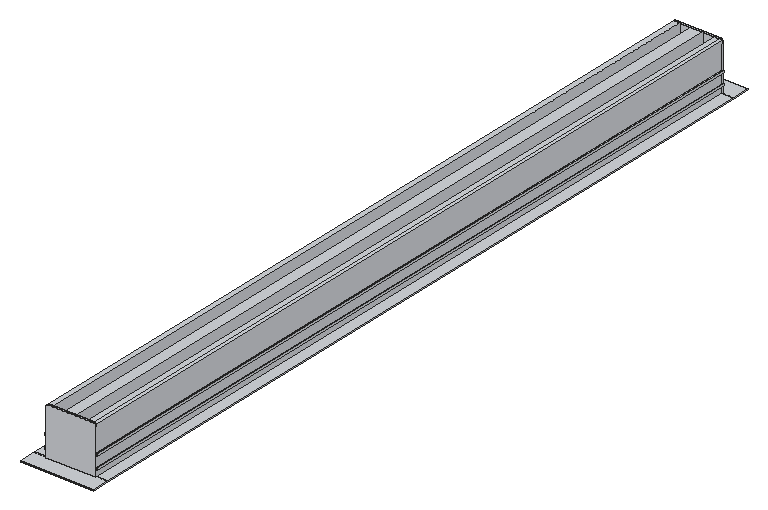
Revit family
Parameters
  URL = "http://www.anemostat.com/"
  Model = "SLAD-FS-75"
  Manufacturer = "Anemostat"
  Length  User Defined = 48"
  Duct Width = 3 5/16"
  Duct Length = Length  User Defined + 1/4"  # 48 1/4"
  C = 4 1/2"
Reference planes (in)
  plane 1 "Center (Front/Back)": y = 0
  plane 2: z = 0
  plane 3 "Center (Left/Right)": x = 0
  plane 4: x = -2.25
  plane 5: x = 2.25
  plane 6: y = -24
  plane 7 "Length": y = -48
  plane 8 "Face": z = -0.05
  plane 9: z = 2.95
  plane 10: x = 0.35
  plane 11: x = -0.35
Forms (in)
  Extrusion 1, solid
    sketch origin (0, 0, 0) x (1, 0, 0) y (0, 0, 1)
      loop
        line (1.41328, 2.95) -> (-1.41328, 2.95) -> (-1.525, 2.83828) -> (-1.525, 1.27628) -> (-1.645, 1.27628) -> (-1.645, 1.16428) -> (-1.595, 1.16428) -> (-1.595, 1.22628) -> (-1.525, 1.22628) -> (-1.525, 0.47128) -> (-1.595, 0.47128) -> (-1.595, 0.53328) -> (-1.645, 0.53328) -> (-1.645, 0.42128) -> (-1.525, 0.42128) -> (-1.525, 0) -> (-2.25, 0) -> (-2.25, -0.05) -> (-1.00028, -0.05) -> (1.00028, -0.05) -> (2.25, -0.05) -> (2.25, 0) -> (1.525, 0) -> (1.525, 0.42128) -> (1.645, 0.42128) -> (1.645, 0.53328) -> (1.595, 0.53328) -> (1.595, 0.47128) -> (1.525, 0.47128) -> (1.525, 1.22628) -> (1.595, 1.22628) -> (1.595, 1.16428) -> (1.645, 1.16428) -> (1.645, 1.27628) -> (1.525, 1.27628) -> (1.525, 2.83828) -> (1.41328, 2.95)
    from 0 to 48 <- "Length  User Defined"
  Extrusion 2, solid
    sketch origin (0, 0, 0) x (1, 0, 0) y (0, 0, 1)
      loop
        line (-1.525, 0) -> (1.525, 0) -> (1.525, 2.83828) -> (1.41328, 2.95) -> (-1.41328, 2.95) -> (-1.525, 2.83828) -> (-1.525, 0)
    from 0 to -0.0625
  Extrusion 3, solid
    sketch origin (0, -48, 0) x (0, 0, 1) y (-1, 0, 0)
      loop
        line (0.05, -1.525) -> (2.83828, -1.525) -> (2.95, -1.41328) -> (2.95, 1.41328) -> (2.83828, 1.525) -> (0, 1.525) -> (0, -1.525) -> (0.05, -1.525)
    from 0 to 0.0625
  Extrusion 4, solid
    sketch origin (0, 0, 0) x (1, 0, 0) y (0, 0, 1)
      loop
        line (-2.25, 0) -> (-2.25, -0.05) -> (2.25, -0.05) -> (2.25, 0) -> (-2.25, 0)
    from 0 to -1.10156
  Extrusion 5, solid
    sketch origin (0, -48, 0) x (0, 0, 1) y (-1, 0, 0)
      loop
        line (0, -2.25) -> (0, 2.25) -> (-0.05, 2.25) -> (-0.05, -2.25) -> (0, -2.25)
    from 0 to 1.10156
  Extrusion 6, void
    sketch origin (0, 0, -0.05) x (-1, 0, 0) y (0, -1, 0)
      loop
        line (-0.35, 48) -> (-1.1, 48) -> (-1.1, 0) -> (-0.35, 0) -> (-0.35, 48)
      loop
        line (0.35, 48) -> (0.35, 0) -> (1.1, 0) -> (1.1, 48) -> (0.35, 48)
    from 0 to 3
Cuts and joins
  Extrusion 6 cuts Extrusion 1
  Extrusion 6 cuts Extrusion 2
  Extrusion 6 cuts Extrusion 3
  Extrusion 6 cuts Extrusion 4
  Extrusion 6 cuts Extrusion 5
Dimensions and locks (in)
  equal spacing: plane 5, plane 3 "Center (Left/Right)", plane 4
  "C": plane 5 to plane 4
  equal spacing: plane 1 "Center (Front/Back)", plane 6, plane 7 "Length"
  "Length  User Defined": plane 1 "Center (Front/Back)" to plane 7 "Length"
Automatic sketch dimensions
  Extrusion 4 sketch curve to plane 4 = 0"
  Extrusion 4 sketch curve to plane 5 = 0"
  Extrusion 4 sketch curve to plane 8 "Face" = 0"
  Extrusion 4 sketch curve to level = 0"
  Extrusion 5 sketch curve to plane 5 = 0"
  Extrusion 5 sketch curve to plane 8 "Face" = 0"
  Extrusion 5 sketch curve to level = 0"
  Extrusion 5 sketch curve to plane 4 = 0"
  Extrusion 1 sketch curve to level = 0"  (x2)
  Extrusion 1 sketch curve to plane 4 = 0"
  Extrusion 1 sketch curve to plane 9 = 0"
  Extrusion 1 sketch curve to plane 8 "Face" = 0"
  Extrusion 1 sketch curve to plane 5 = 0"
  plane 4 to Extrusion 1 sketch curve = 0.605"  (x2)
  Extrusion 1 sketch curve to Extrusion 1 sketch curve = 0.05"  (x8)
  Extrusion 1 sketch curve to Extrusion 1 sketch curve = 0.07"  (x3)
  Extrusion 1 sketch curve to Extrusion 1 sketch curve = 0.12"
  Extrusion 1 sketch curve to plane 9 = 0.11172"  (x2)
  plane 4 to Extrusion 1 sketch curve = 0.725"
  Extrusion 1 sketch curve to Extrusion 1 sketch curve = 0.11172"  (x2)
  Extrusion 1 sketch curve to Extrusion 1 sketch curve = 0.52472"  (x2)
  plane 3 "Center (Left/Right)" to Extrusion 1 sketch curve = 1.00028"
  Extrusion 1 sketch curve to plane 5 = 0.83672"
  Extrusion 1 sketch curve to Extrusion 1 sketch curve = 0"
  level to Extrusion 1 sketch curve = 0.42128"  (x2)
  Extrusion 1 sketch curve to Extrusion 1 sketch curve = 0.062"  (x4)
  Extrusion 1 sketch curve to Extrusion 1 sketch curve = 0.631"  (x2)
  Extrusion 3 sketch curve to level = 0"
  Extrusion 3 sketch curve to plane 9 = 0"
  level to Extrusion 3 sketch curve = 0.05"
  Extrusion 3 sketch curve to plane 9 = 0.11172"  (x2)
  Extrusion 3 sketch curve to plane 5 = 0.725"
  Extrusion 3 sketch curve to Extrusion 3 sketch curve = 0.11172"
  plane 4 to Extrusion 3 sketch curve = 0.83672"
  plane 4 to Extrusion 3 sketch curve = 0.725"
  Extrusion 2 sketch curve to level = 0"
  Extrusion 2 sketch curve to plane 9 = 0"
  plane 4 to Extrusion 2 sketch curve = 0.725"
  Extrusion 2 sketch curve to Extrusion 2 sketch curve = 0.11172"
  Extrusion 2 sketch curve to plane 5 = 0.83672"
  Extrusion 2 sketch curve to plane 5 = 0.725"
  Extrusion 2 sketch curve to plane 9 = 0.11172"  (x2)
  plane 7 "Length" to Extrusion 6 sketch curve = 0"  (x2)
  plane 1 "Center (Front/Back)" to Extrusion 6 sketch curve = 0"  (x2)
  Extrusion 6 sketch curve to plane 10 = 0"
  Extrusion 6 sketch curve to plane 11 = 0"
  Extrusion 6 sketch curve to plane 10 = 3/4"
  Extrusion 6 sketch curve to Extrusion 6 sketch curve = 3/4"
Connectors (in)
  hvac at (0, -24, 2.95), driven by "Duct Length", driven by "Duct Width"
    settings: on Extrusion 1, index 1
